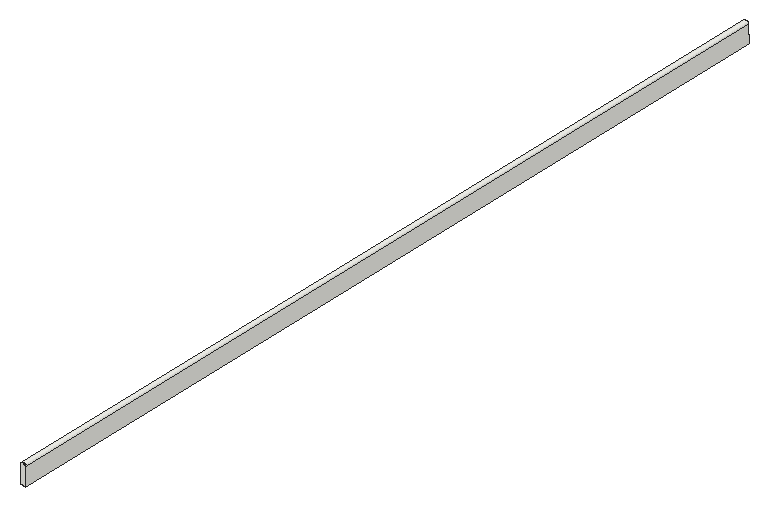
Revit family "DSF", category Specialty Equipment, host Face, Revit 2020
Family settings
  Host = Face
  Round Connector Dimension = Use Diameter
  Part Type = Normal
  Cut with Voids When Loaded = No
  Shared = No
  Room Calculation Point = No
Parameters (values of type "SEE TYPE CATEGORY")
  Width = 0' - 0 1/2"
  URL = "http://www.emseal.com/"
  Type Image = EMSEAL DSF.jpg
  Triple Shallow Depth [instance] = if(or(Width > 0' 1 131/256", Width < 0' 2 1/4"), 0' 2 1/2", Width)  # 0' - 2 1/2"
  Triple Shallow Bellow = no
  Triple Radius [instance] = Width / 6  # 0' - 0.08333"
  Triple Depth [instance] = if(or(Width > 0' 2 67/256", Width < 0' 2 1/2"), 0' 2 3/4", Width)  # 0' - 2 3/4"
  Triple Deep Depth [instance] = if(or(Width > 0' 2 131/256", Width < 0' 3"), 0' 3 1/4", Width)  # 0' - 3 1/4"
  Triple Deep Bellow = no
  Triple Bellow Depth [instance] = Triple Deep Depth - Triple Radius  # 0' - 3.16667"
  Triple Bellow = no
  Tensile Strength (ASTM D3574) = "18 psi min; 145 kPa"
  Temperature Range (ASTM C711) = "185°F (85°C) to -40°F (-40°C)"
  Staining (ASTM C510) = "None"
  Single Shallow Depth [instance] = if(Width > 0' 0 3/4", 0' 0 3/4", Depth)  # 0' - 1 3/4"
  Single Shallow Bellow = yes
  Single Radius [instance] = Width / 2  # 0' - 0 1/4"
  Single Deep Depth [instance] = if(Width < 0' 1 67/256", 0' 2", 0' 3")  # 0' - 2"
  Single Deep Bellow = no
  Single Bellow Depth [instance] = Single Deep Depth - Single Radius  # 0' - 1 3/4"
  Seal Material Note = "DSF is coated on the top/outer facing side with Dow DOWSIL™ 748 silicone"
  Seal Material [instance] = Silicone - Dowsil 748 White
  Rate of Air Leakage (ASTM E283) = "Passed"
  R Value Range (ASTM C518) = "2.1 per 1-inch (25mm) depth"
  Quad Shallow Depth [instance] = if(or(Width > 0' 3 67/256", Width < 0' 3 1/2"), 0' 3 1/2", Width)  # 0' - 3 1/2"
  Quad Shallow Bellow = no
  Quad Radius [instance] = Width / 8  # 0' - 0 1/16"
  Quad Deep Depth [instance] = if(or(Width > 0' 3 131/256", Width < 0' 4 61/256"), 0' 4", Width)  # 0' - 4"
  Quad Deep Bellow = no
  Quad Bellow Depth [instance] = Quad Deep Depth - Quad Radius  # 0' - 3 15/16"
  Product Page URL = "https://bit.ly/2WS3vxo\r\nhttps://bit.ly/3am8kTQ\r\nhttps://bit.ly/3am8kTQ\r\nhttps://bit.ly/3am8kTQ"
  Product Documentation URL = "https://bit.ly/3g0YkV0"
  Product Data URL = "https://bit.ly/3lYxdgY"
  Pick Resistance = no
  Movement (of Nominal Material Size) = "+25% / -25%"
  Model = "DSF"
  Manufacturer = "EMSEAL Joint Systems Ltd"
  Length [instance] = 6' - 6 23/32"
  Durometer Hardness of Silicone Coating (ASTM D2240) = "Shore A: 35"
  Description = "NSF-61 compliant expansion joint system for food production and preparation environments"
  Depth = 0' - 1 3/4"
  Default Elevation = 0' - 0"
  Calc Width Triple [instance] = if(or(Width > 0' 3 21/256", Width < 0' 1 125/256"), 0' 1 1/2", Width)  # 0' - 1 1/2"
  Calc Width Single [instance] = if(Width > 0' 1 67/256", 0' 1 67/256", Width)  # 0' - 0 1/2"
  Calc Width Quad [instance] = if(or(Width > 0' 4 3/256", Width < 0' 3 61/256"), 0' 4", Width)  # 0' - 4"
  Assembly Code = "C3020200"
  ABAA Compliance = yes
Reference planes (in)
  plane 1 "Center (Front/Back)": y = 0
  plane 2: z = 0
  plane 3 "Center (Left/Right)": x = 0
  plane 4 "Width 1": x = -0.25
  plane 5 "Width 2": x = 0.25
  plane 6: y = 39.35937
  plane 7: y = -39.35938
  plane 8: z = -1.75
  plane 9 "Quad Width 1": x = -2
  plane 10: x = -1
  plane 11: x = 1
  plane 12 "Quad Width 2": x = 2
  plane 13 "Triple Width 1": x = -0.75
  plane 14 "Triple Width 2": x = 0.75
  plane 15: x = 0.25
  plane 16: x = -0.25
  plane 17 "Single Width 1": x = -0.25
  plane 18 "Single Width 2": x = 0.25
  plane 19 "Expansion Line": z = 0.03125
  plane 20: z = 0.57227
  plane 21: z = 0.70736
  plane 22 "Hex Center": x = 0
  plane 23: z = -2
  plane 24: z = -0.25
  plane 25: z = -2.5
  plane 26: z = -2.75
  plane 27: z = -3.25
  plane 28: z = -0.08333
  plane 29: z = -3.5
  plane 30: z = -4
  plane 31: z = -0.0625
Forms (in)
  Extrusion 1, void
    sketch origin (0, 0, 0) x (1, 0, 0) y (0, 1, 0)
      loop
        line (-0.25, -39.35938) -> (0.25, -39.35938) -> (0.25, 39.35937) -> (-0.25, 39.35937) -> (-0.25, -39.35938)
    from 0 to -30
  Extrusion 2, solid, detail levels coarse
    sketch origin (0, 0, 0) x (1, 0, 0) y (0, 1, 0)
      loop
        line (-0.25, 39.35937) -> (-0.25, -39.35938) -> (0.25, -39.35938) -> (0.25, 39.35937) -> (-0.25, 39.35937)
    from 0 to -4
  Extrusion 3, solid, material "Silicone - Dowsil 748 White" <- "Seal Material", visible <- "Quad Shallow Bellow", detail levels medium+fine
    sketch origin (0, 0, 0) x (1, 0, 0) y (0, 0, 1)
      loop
        line (-2, -3.5) -> (2, -3.5) -> (2, -0.5)
        arc (2, -0.5) -> (1.5, 0) -> (1, -0.5) r 0.5
        arc (1, -0.5) -> (0.5, 0) -> (0, -0.5) r 0.5
        arc (0, -0.5) -> (-0.5, 0) -> (-1, -0.5) r 0.5
        arc (-1, -0.5) -> (-1.5, 0) -> (-2, -0.5) r 0.5
        line (-2, -0.5) -> (-2, -3.5)
    from 39.35938 to -39.35937
  Extrusion 4, solid, material "Silicone - Dowsil 748 White" <- "Seal Material", visible <- "Triple Shallow Bellow"
    sketch origin (0, 0, 0) x (1, 0, 0) y (0, 0, 1)
      loop
        line (-0.75, -2.5) -> (0.75, -2.5) -> (0.75, -0.25)
        arc (0.75, -0.25) -> (0.5, 0) -> (0.25, -0.25) r 0.25
        arc (0.25, -0.25) -> (0, 0) -> (-0.25, -0.25) r 0.25
        arc (-0.25, -0.25) -> (-0.5, 0) -> (-0.75, -0.25) r 0.25
        line (-0.75, -0.25) -> (-0.75, -2.5)
    from 39.35938 to -39.35937
  Extrusion 5, solid, material "Silicone - Dowsil 748 White" <- "Seal Material", visible <- "Single Shallow Bellow"
    sketch origin (0, 0, 0) x (1, 0, 0) y (0, 0, 1)
      loop
        line (-0.25, -1.75) -> (0.25, -1.75) -> (0.25, -0.25)
        arc (0.25, -0.25) -> (0, 0) -> (-0.25, -0.25) r 0.25
        line (-0.25, -0.25) -> (-0.25, -1.75)
    from 39.35938 to -39.35937
  Extrusion 6, solid, material "Silicone - Dowsil 748 White" <- "Seal Material", visible <- "Triple Bellow"
    sketch origin (0, 0, 0) x (1, 0, 0) y (0, 0, 1)
      loop
        line (-0.75, -2.75) -> (0.75, -2.75) -> (0.75, 0.125)
        arc (0.75, 0.125) -> (0.5, 0.375) -> (0.25, 0.125) r 0.25
        arc (0.25, 0.125) -> (0, 0.375) -> (-0.25, 0.125) r 0.25
        arc (-0.25, 0.125) -> (-0.5, 0.375) -> (-0.75, 0.125) r 0.25
        line (-0.75, 0.125) -> (-0.75, -2.75)
    from 39.35938 to -39.35937
  Extrusion 7, solid, material "Silicone - Dowsil 748 White" <- "Seal Material", visible <- "Triple Deep Bellow"
    sketch origin (0, 0, 0) x (1, 0, 0) y (0, 0, 1)
      loop
        line (-0.75, -3.25) -> (0.75, -3.25) -> (0.75, -0.08333)
        arc (0.75, -0.08333) -> (0.5, 0.16667) -> (0.25, -0.08333) r 0.25
        arc (0.25, -0.08333) -> (0, 0.16667) -> (-0.25, -0.08333) r 0.25
        arc (-0.25, -0.08333) -> (-0.5, 0.16667) -> (-0.75, -0.08333) r 0.25
        line (-0.75, -0.08333) -> (-0.75, -3.25)
    from 39.35938 to -39.35937
  Extrusion 8, solid, material "Silicone - Dowsil 748 White" <- "Seal Material", visible <- "Quad Deep Bellow", detail levels medium+fine
    sketch origin (0, 0, 0) x (1, 0, 0) y (0, 0, 1)
      loop
        line (-2, -4) -> (2, -4) -> (2, -0.0625)
        arc (2, -0.0625) -> (1.5, 0.4375) -> (1, -0.0625) r 0.5
        arc (1, -0.0625) -> (0.5, 0.4375) -> (0, -0.0625) r 0.5
        arc (0, -0.0625) -> (-0.5, 0.4375) -> (-1, -0.0625) r 0.5
        arc (-1, -0.0625) -> (-1.5, 0.4375) -> (-2, -0.0625) r 0.5
        line (-2, -0.0625) -> (-2, -4)
    from 39.35938 to -39.35937
  Extrusion 9, solid, visible <- "Single Deep Bellow"
    sketch origin (0, 0, 0) x (1, 0, 0) y (0, 0, 1)
      loop
        line (-0.25, -2) -> (0.25, -2) -> (0.25, -0.25)
        arc (0.25, -0.25) -> (0, 0) -> (-0.25, -0.25) r 0.25
        line (-0.25, -0.25) -> (-0.25, -2)
    from 39.35938 to -39.35938
Lines and regions (in)
  model lines, style "Expansion Graphic"
    curve 1: line (0, 39.35937, 0.03125) -> (0, -39.35938, 0.03125)
Dimensions and locks (in)
  "Width": plane 4 "Width 1" to plane 5 "Width 2"
  equal spacing: plane 4 "Width 1", plane 3 "Center (Left/Right)", plane 5 "Width 2"
  equal spacing: plane 6, plane 1 "Center (Front/Back)", plane 7
  "Length": plane 6 to plane 7
  "Single Shallow Depth": plane 2 to plane 8
  equal spacing: plane 12 "Quad Width 2", plane 11, plane 3 "Center (Left/Right)", plane 10, plane 9 "Quad Width 1"
  "Calc Width Quad": plane 12 "Quad Width 2" to plane 9 "Quad Width 1"
  locked: plane 2 to Extrusion 3 sketch curve
  equal spacing: plane 13 "Triple Width 1", plane 16, plane 15, plane 14 "Triple Width 2"
  "Calc Width Triple": plane 13 "Triple Width 1" to plane 14 "Triple Width 2"
  equal spacing: plane 13 "Triple Width 1", plane 3 "Center (Left/Right)", plane 14 "Triple Width 2"
  locked: plane 2 to Extrusion 4 sketch curve
  equal spacing: plane 17 "Single Width 1", plane 3 "Center (Left/Right)", plane 18 "Single Width 2"
  "Calc Width Single": plane 17 "Single Width 1" to plane 18 "Single Width 2"
  locked: plane 2 to Extrusion 5 sketch curve
  locked: plane 19 "Expansion Line" to level at 0.03125
  "Single Bellow Depth": plane 24 to plane 23
  "Triple Shallow Depth": plane 2 to plane 25
  "Triple Depth": plane 2 to plane 26
  "Triple Deep Depth": plane 2 to plane 27
  "Triple Bellow Depth": plane 28 to plane 27
  "Quad Shallow Depth": plane 2 to plane 29
  "Quad Deep Depth": plane 2 to plane 30
  "Quad Bellow Depth": plane 31 to plane 30
  aligned and locked: plane 2 to host face
  aligned and locked: level to host face
  aligned and locked: Extrusion 1 sketch curve to plane 7
  aligned and locked: Extrusion 1 sketch curve to plane 4 "Width 1"
  aligned and locked: plane 6 to Extrusion 1 sketch curve
  aligned and locked: plane 5 "Width 2" to Extrusion 1 sketch curve
  aligned and locked: Extrusion 2 sketch curve to plane 6
  aligned and locked: plane 4 "Width 1" to Extrusion 2 sketch curve
  aligned and locked: plane 7 to Extrusion 2 sketch curve
  aligned and locked: Extrusion 2 sketch curve to plane 5 "Width 2"
  aligned and locked: level to Extrusion 2
  aligned and locked: Extrusion 3 sketch curve to plane 9 "Quad Width 1"
  aligned and locked: plane 12 "Quad Width 2" to Extrusion 3 sketch curve
  aligned and locked: plane 13 "Triple Width 1" to Extrusion 4 sketch curve
  aligned and locked: Extrusion 4 sketch curve to plane 14 "Triple Width 2"
  aligned and locked: plane 17 "Single Width 1" to Extrusion 5 sketch curve
  aligned and locked: Extrusion 5 sketch curve to plane 18 "Single Width 2"
  aligned and locked: Extrusion 5 sketch curve to plane 8
  aligned and locked: Extrusion 5 to plane 7
  aligned and locked: plane 6 to Extrusion 5
  aligned and locked: curve 1 to plane 3 "Center (Left/Right)"
  aligned and locked: plane 6 to curve 1
  aligned and locked: plane 7 to curve 1
  aligned and locked: Extrusion 5 to plane 8
  aligned and locked: Extrusion 4 to plane 25
  aligned and locked: Extrusion 6 to plane 26
  aligned and locked: plane 13 "Triple Width 1" to Extrusion 6
  aligned and locked: Extrusion 6 to plane 14 "Triple Width 2"
  aligned and locked: Extrusion 7 to plane 27
  aligned and locked: plane 13 "Triple Width 1" to Extrusion 7
  aligned and locked: Extrusion 7 to plane 14 "Triple Width 2"
  aligned and locked: plane 28 to Extrusion 7 sketch curve  (x4)
  aligned and locked: Extrusion 3 to plane 29
  aligned and locked: Extrusion 8 to plane 9 "Quad Width 1"
  aligned and locked: plane 12 "Quad Width 2" to Extrusion 8
  aligned and locked: Extrusion 8 to plane 30
  aligned and locked: plane 31 to Extrusion 8 sketch curve  (x5)
  aligned and locked: Extrusion 9 to plane 23
  aligned and locked: plane 17 "Single Width 1" to Extrusion 9
  aligned and locked: Extrusion 9 to plane 18 "Single Width 2"
  aligned and locked: Extrusion 2 to plane 30
  aligned and locked: plane 24 to Extrusion 9 sketch curve  (x2)
Automatic sketch dimensions
  host sketch curve to host sketch curve = 8' - 0"  (x2)
  Extrusion 3 sketch curve to plane 10 = 0' - 0"  (x2)
  Extrusion 3 sketch curve to plane 3 "Center (Left/Right)" = 0' - 0"  (x2)
  Extrusion 3 sketch curve to plane 11 = 0' - 0"  (x2)
  Extrusion 3 sketch curve to plane 29 = 0' - 0"
  plane 16 to Extrusion 4 sketch curve = 0' - 0"  (x2)
  Extrusion 4 sketch curve to plane 3 "Center (Left/Right)" = 0' - 0"
  plane 15 to Extrusion 4 sketch curve = 0' - 0"
  Extrusion 4 sketch curve to plane 25 = 0' - 0"
  plane 13 "Triple Width 1" to Extrusion 6 sketch curve = 0' - 0"
  plane 16 to Extrusion 6 sketch curve = 0' - 0"  (x2)
  Extrusion 6 sketch curve to plane 3 "Center (Left/Right)" = 0' - 0"
  plane 15 to Extrusion 6 sketch curve = 0' - 0"
  plane 14 "Triple Width 2" to Extrusion 6 sketch curve = 0' - 0"
  Extrusion 6 sketch curve to plane 26 = 0' - 0"
  plane 28 to Extrusion 6 sketch curve = 0' - 0.20833"
  plane 13 "Triple Width 1" to Extrusion 7 sketch curve = 0' - 0"
  plane 16 to Extrusion 7 sketch curve = 0' - 0"  (x2)
  Extrusion 7 sketch curve to plane 3 "Center (Left/Right)" = 0' - 0"
  plane 15 to Extrusion 7 sketch curve = 0' - 0"
  plane 14 "Triple Width 2" to Extrusion 7 sketch curve = 0' - 0"
  Extrusion 7 sketch curve to plane 27 = 0' - 0"
  Extrusion 8 sketch curve to plane 4 "Width 1" = 0' - 1 3/4"
  Extrusion 8 sketch curve to plane 10 = 0' - 0"  (x2)
  Extrusion 8 sketch curve to plane 3 "Center (Left/Right)" = 0' - 0"  (x2)
  Extrusion 8 sketch curve to plane 11 = 0' - 0"  (x2)
  plane 5 "Width 2" to Extrusion 8 sketch curve = 0' - 1 3/4"
  Extrusion 8 sketch curve to plane 29 = 0' - 0 1/2"
  plane 4 "Width 1" to Extrusion 9 sketch curve = 0' - 0"
  Extrusion 9 sketch curve to plane 3 "Center (Left/Right)" = 0' - 0"
  Extrusion 9 sketch curve to plane 23 = 0' - 0"
Types in the file's own list only (15): name | Width | Triple Shallow Bellow | Triple Deep Bellow | Triple Bellow | Single Shallow Bellow | Single Deep Bellow | Quad Shallow Bellow | Quad Deep Bellow | Depth | Default Elevation
  DSF - .5 inches | 1/2" | No | No | No | Yes | No | No | No | 1 3/4" | 0"
  DSF - .75 inches | 3/4" | No | No | No | Yes | No | No | No | 1 3/4" | 0"
  DSF - 1 inches | 1" | No | No | No | No | Yes | No | No | 2" | 0"
  DSF - 1.25 inches | 1 1/4" | No | No | No | No | Yes | No | No | 2" | 0"
  DSF - 1.5 inches | 1 1/2" | Yes | No | No | No | No | No | No | 2 1/2" | 0"
  DSF - 1.75 inches | 1 3/4" | Yes | No | No | No | No | No | No | 2 1/2" | 0"
  DSF - 2 inches | 2" | Yes | No | No | No | No | No | No | 2 1/2" | 0"
  DSF - 2.25 inches | 2 1/4" | Yes | No | No | No | No | No | No | 2 1/2" | 0"
  DSF - 2.5inches | 2 1/2" | No | No | Yes | No | No | No | No | 2 3/4" | 0"
  DSF - 2.75 inches | 2 3/4" | No | Yes | No | No | No | No | No | 3 1/4" | 0"
  DSF - 3 inches | 3" | No | Yes | No | No | No | No | No | 3 1/4" | 0"
  DSF - 3.25 inches | 3 1/4" | No | No | No | No | No | Yes | No | 3 1/2" | 0"
  DSF - 3.5 inches | 3 1/2" | No | No | No | No | No | Yes | No | 3 1/2" | 0"
  DSF - 3.75 inches | 3 3/4" | No | No | No | No | No | No | Yes | 4" | 0"
  DSF - 4 inches | 4" | No | No | No | No | No | No | Yes | 4" | 0"
